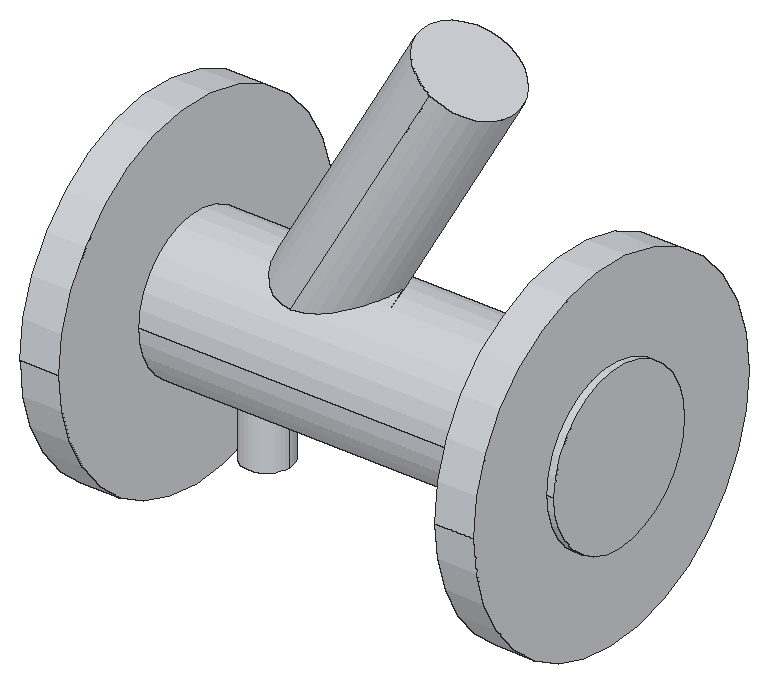
Revit family "HS 821-síto_jemné-PN40-DN015-RFA_2019", category Pipe Accessories, Revit 2019
Family settings
  Round Connector Dimension = Use Diameter
  Part Type = Breaks Into
  Work Plane-Based = No
  Always vertical = Yes
  Cut with Voids When Loaded = No
  Shared = No
Parameters (values of type "821F-DN015-PN40-síto_jemné")
  magiProductId = "4c7eaf3c4c0340888b3e684d8a8616"
  magiProductFamilyId = "79214ac3aaa945e397802f559f5c1e"
  magiPartTypeId = 307
  isMeasuringValve [instance] = no
  ang2D [instance] = 0.00°
  ZB__ve = -ZB  # -16.25 mm
  ZB1 = 18.225 mm
  ZB = 16.25 mm
  X2 = 46.982 mm
  X1 = 18.2 mm
  W2D = 15 mm
  VersionID = "2.0/2017.9.26.1/ZETKAMA_821_001"
  Use Minimum Symbol Size [instance] = yes
  URL = "www.hydronic.cz"
  Type Comments = "Filtr přírubový; síto jemné; A-PN16 (-10~300°C); D-PN25 (-10~350°C); F-PN40 (-10~400°C)"
  S = 45 mm
  QmdConnectorList = "301;D;302;D"
  Productdata [instance] = ""
  Manufacturer = "Hydronic Systems Prague s.r.o."
  MC Product Code = "250 615 (821F; DN015; PN40; kvs6,2; oko síta 0,63mm)"
  LM1 = 10.4 mm
  LM = 104 mm
  L4 = 32.5 mm
  L2D_Min = 3048 mm
  L2D = 130 mm
  L2 = 65 mm
  HH2 = 81.375 mm
  FD = 95 mm
  Description = "Filtr přírubový; síto jemné; 821A-PN16; 821D-PN25; 821F-PN40"
  DM1 = 27.6 mm
  DM = 40.5 mm
  D = 15 mm
  CC = 2.21 mm
  CAT0 = yes
  C1 = 10.79 mm
  C = 13 mm
  BD = 12.757 mm
Types (40, lengths in mm): name | magiProductId | ZB__ve | ZB1 | ZB | X2 | X1 | S | MC Product Code | LM1 | LM | L4 | L2 | HH2 | FD | DM1 | DM | D | CC | C1 | C | BD
  821A-DN015-PN16-síto_jemné | "a71bcfe8b393460598b23e8ddf7dc5" | -16.25 | 18.63 | 16.25 | 46.982 | 18.2 | 46 | "210 115 (821A; DN015; PN16; kvs6,2; oko síta 0,63mm)" | 10.4 | 104 | 32.5 | 65 | 81.375 | 95 | 27.6 | 41.4 | 15 | 2.21 | 10.79 | 13 | 13.041
  821A-DN020-PN16-síto_jemné | "41cd6c7a12924f4991217528336076" | -17.75 | 22.68 | 17.75 | 51.673 | 21 | 56 | "210 120 (821A; DN020; PN16; kvs9,6; oko síta 0,63mm)" | 12 | 120 | 37.5 | 75 | 89.5 | 105 | 33.6 | 50.4 | 20 | 2.55 | 12.45 | 15 | 15.876
  821A-DN025-PN16-síto_jemné | "be378b463ed14c3abf4c9b3ae8cf3a" | -19.25 | 26.325 | 19.25 | 58.601 | 22.4 | 65 | "210 125 (821A; DN025; PN16; kvs14,2; oko síta 0,63mm)" | 12.8 | 128 | 40 | 80 | 101.5 | 115 | 43.2 | 58.5 | 25 | 2.72 | 13.28 | 16 | 18.427
  821A-DN032-PN16-síto_jemné | "227a0d18b21540afabe8b6067d35fa" | -23 | 30.78 | 23 | 68.849 | 25.2 | 76 | "210 132 (821A; DN032; PN16; kvs23,1; oko síta 0,63mm)" | 14.4 | 144 | 45 | 90 | 119.25 | 140 | 50.4 | 68.4 | 32 | 3.06 | 14.94 | 18 | 21.546
  821A-DN040-PN16-síto_jemné | "d106917c74724141a10440112d0102" | -24.5 | 34.02 | 24.5 | 75.777 | 28 | 84 | "210 140 (821A; DN040; PN16; kvs36,6; oko síta 0,63mm)" | 16 | 160 | 50 | 100 | 131.25 | 150 | 60 | 75.6 | 40 | 3.4 | 16.6 | 20 | 23.814
  821A-DN050-PN16-síto_jemné | "8255d456a09e4f6486734f5dd9171b" | -26.75 | 40.095 | 26.75 | 79.061 | 32.2 | 99 | "210 150 (821A; DN050 PN16; kvs53,7; oko síta 0,63mm)" | 18.4 | 184 | 57.5 | 115 | 136.938 | 165 | 73.8 | 89.1 | 50 | 3.91 | 19.09 | 23 | 28.066
  821A-DN065-PN16-síto_jemné | "235b1b3e4c0843779a4d5e3716d40a" | -29.75 | 47.79 | 29.75 | 86.927 | 40.6 | 118 | "210 165 (821A; DN065; PN16; kvs95,1; oko síta 0,63mm)" | 23.2 | 232 | 72.5 | 145 | 150.562 | 185 | 94.2 | 106.2 | 65 | 4.93 | 24.07 | 29 | 33.453
  821A-DN080-PN16-síto_jemné | "a067f7c5236348ed8c820d16df7214" | -32 | 53.46 | 32 | 104.753 | 43.4 | 132 | "210 180 (821A; DN080; PN16; kvs137,1; oko síta 0,63mm)" | 24.8 | 248 | 77.5 | 155 | 181.438 | 200 | 107.4 | 118.8 | 80 | 5.27 | 25.73 | 31 | 37.422
  821A-DN100-PN16-síto_jemné | "c49a648c2747461285837d643703cd" | -35 | 63.18 | 35 | 114.857 | 49 | 156 | "210 190 (821A; DN100; PN16; kvs206,4; oko síta 0,63mm)" | 28 | 280 | 87.5 | 175 | 198.937 | 220 | 131.4 | 140.4 | 100 | 5.95 | 29.05 | 35 | 44.226
  821A-DN125-PN16-síto_jemné | "bf68e728a163493cbd2a663b26ebdc" | -39.5 | 74.52 | 39.5 | 131.888 | 56 | 184 | "210 191 (821A; DN125; PN16; kvs268,8; oko síta 0,63mm)" | 32 | 320 | 100 | 200 | 228.438 | 250 | 165 | 165.6 | 125 | 6.8 | 33.2 | 40 | 52.164
  821A-DN150-PN16-síto_jemné | "2de770284b654863ae6bc865769dc5" | -44.75 | 85.455 | 44.75 | 155.885 | 67.2 | 211 | "210 192 (821A; DN150; PN16; kvs401,4; oko síta 0,63mm)" | 38.4 | 384 | 120 | 240 | 270 | 285 | 192 | 189.9 | 150 | 8.16 | 39.84 | 48 | 59.818
  821A-DN200-PN16-síto_jemné | "8e5693371ab64aabb29a7f08c76e15" | -53 | 107.73 | 53 | 188.361 | 84 | 266 | "210 193 (821A; DN200; PN16; kvs706,7; oko síta 0,63mm)" | 48 | 480 | 150 | 300 | 326.25 | 340 | 252 | 239.4 | 200 | 10.2 | 49.8 | 60 | 75.411
  821A-DN250-PN16-síto_jemné | "05e37ed948c34047acdd4c42556504" | -62.75 | 129.195 | 62.75 | 255.911 | 102.2 | 319 | "210 194 (821A; DN250; PN16; kvs1229,4; oko síta 0,63mm)" | 58.4 | 584 | 182.5 | 365 | 443.25 | 405 | 309.6 | 287.1 | 250 | 12.41 | 60.59 | 73 | 90.436
  821A-DN300-PN16-síto_jemné | "9ad0af747269428da925480d83ce80" | -71 | 149.85 | 71 | 325.914 | 119 | 370 | "210 195 (821A; DN300; PN16; kvs1902,4; oko síta 0,63mm)" | 68 | 680 | 212.5 | 425 | 564.5 | 460 | 369.6 | 333 | 300 | 14.45 | 70.55 | 85 | 104.895
  821A-DN350-PN16-síto_jemné | "eebc71459bb3451bb4355e7951370a" | -80 | 173.745 | 80 | 356.875 | 137.2 | 429 | "200 196 (821A; DN350; PN16; kvs2611,0; oko síta 0,63mm)" | 78.4 | 784 | 245 | 490 | 618.125 | 520 | 438 | 386.1 | 350 | 16.66 | 81.34 | 98 | 121.621
  821A-DN400-PN16-síto_jemné | "d2f677cb196647e385b2590e7d8abe" | -89 | 194.4 | 89 | 392.237 | 154 | 480 | "210 197 (821A; DN400; PN16; kvs3438,4; oko síta 0,63mm)" | 88 | 880 | 275 | 550 | 679.375 | 580 | 498 | 432 | 400 | 18.7 | 91.3 | 110 | 136.08
  821D-DN015-PN25-síto_jemné | "27ddcbf555414f8ca1fde329bf9087" | -16.25 | 18.63 | 16.25 | 46.982 | 18.2 | 46 | "210 215 (821D; DN015; PN25; kvs6,2; oko síta 0,63mm)" | 10.4 | 104 | 32.5 | 65 | 81.375 | 95 | 27.6 | 41.4 | 15 | 2.21 | 10.79 | 13 | 13.041
  821D-DN020-PN25-síto_jemné | "270e0f14012f47189cd0235c18faee" | -17.75 | 22.68 | 17.75 | 51.673 | 21 | 56 | "210 220 (821D; DN020; PN25; kvs9,6; oko síta 0,63mm)" | 12 | 120 | 37.5 | 75 | 89.5 | 105 | 33.6 | 50.4 | 20 | 2.55 | 12.45 | 15 | 15.876
  821D-DN025-PN25-síto_jemné | "b9a7fb4aa36643878c637d8e1ab992" | -19.25 | 26.325 | 19.25 | 58.601 | 22.4 | 65 | "210 225 (821D; DN025; PN25; kvs14,2; oko síta 0,63mm)" | 12.8 | 128 | 40 | 80 | 101.5 | 115 | 43.2 | 58.5 | 25 | 2.72 | 13.28 | 16 | 18.427
  821D-DN032-PN25-síto_jemné | "6be9a55c4e68400f94eec7e804204c" | -23 | 30.78 | 23 | 68.849 | 25.2 | 76 | "210 232 (821D; DN032; PN25; kvs23,1; oko síta 0,63mm)" | 14.4 | 144 | 45 | 90 | 119.25 | 140 | 50.4 | 68.4 | 32 | 3.06 | 14.94 | 18 | 21.546
  821D-DN040-PN25-síto_jemné | "c54511bd7f584ec2984291479612cb" | -24.5 | 34.02 | 24.5 | 75.777 | 28 | 84 | "210 240 (821D; DN040; PN25; kvs36,6; oko síta 0,63mm)" | 16 | 160 | 50 | 100 | 131.25 | 150 | 60 | 75.6 | 40 | 3.4 | 16.6 | 20 | 23.814
  821D-DN050-PN25-síto_jemné | "5483b1f596b04cd39b23a14a22c90e" | -26.75 | 40.095 | 26.75 | 79.061 | 32.2 | 99 | "210 250 (821D; DN050; PN25; kvs53,7; oko síta 0,63mm)" | 18.4 | 184 | 57.5 | 115 | 136.938 | 165 | 73.8 | 89.1 | 50 | 3.91 | 19.09 | 23 | 28.066
  821D-DN065-PN25-síto_jemné | "767b0f8318e94750bc7a9930ed5b30" | -29.75 | 47.79 | 29.75 | 86.927 | 40.6 | 118 | "210 265 (821D; DN065; PN25; kvs95,1; oko síta 0,63mm)" | 23.2 | 232 | 72.5 | 145 | 150.562 | 185 | 94.2 | 106.2 | 65 | 4.93 | 24.07 | 29 | 33.453
  821D-DN080-PN25-síto_jemné | "e21040fa3cc2404b858198f6b73709" | -32 | 53.46 | 32 | 104.753 | 43.4 | 132 | "210 280 (821D; DN080; PN25; kvs137,1; oko síta 0,63mm)" | 24.8 | 248 | 77.5 | 155 | 181.438 | 200 | 107.4 | 118.8 | 80 | 5.27 | 25.73 | 31 | 37.422
  821D-DN100-PN25-síto_jemné | "175ca87a506b40b3bc6b82f12f33cf" | -37.25 | 63.18 | 37.25 | 114.857 | 49 | 156 | "210 290 (821D; DN100; PN25; kvs206,4; oko síta 0,63mm)" | 28 | 280 | 87.5 | 175 | 198.937 | 235 | 131.4 | 140.4 | 100 | 5.95 | 29.05 | 35 | 44.226
  821D-DN125-PN25-síto_jemné | "77cc98d60da24855999a22dff726b2" | -42.5 | 74.52 | 42.5 | 131.888 | 56 | 184 | "210 291 (821D; DN125; PN25; kvs268,8; oko síta 0,63mm)" | 32 | 320 | 100 | 200 | 228.438 | 270 | 165 | 165.6 | 125 | 6.8 | 33.2 | 40 | 52.164
  821D-DN150-PN25-síto_jemné | "9cf8acfcd15547d68e83172d3abcbe" | -47 | 85.455 | 47 | 155.885 | 67.2 | 211 | "210 292 (821D; DN150; PN25; kvs401,4; oko síta 0,63mm)" | 38.4 | 384 | 120 | 240 | 270 | 300 | 192 | 189.9 | 150 | 8.16 | 39.84 | 48 | 59.818
  821D-DN200-PN25-síto_jemné | "16973f3c9ea14389ba8602495a6b64" | -56 | 110.97 | 56 | 188.361 | 84 | 274 | "210 293 (821D; DN200; PN25; kvs706,7; oko síta 0,63mm)" | 48 | 480 | 150 | 300 | 326.25 | 360 | 252 | 246.6 | 200 | 10.2 | 49.8 | 60 | 77.679
  821F-DN015-PN40-síto_jemné | "4c7eaf3c4c0340888b3e684d8a8616" | -16.25 | 18.225 | 16.25 | 46.982 | 18.2 | 45 | "250 615 (821F; DN015; PN40; kvs6,2; oko síta 0,63mm)" | 10.4 | 104 | 32.5 | 65 | 81.375 | 95 | 27.6 | 40.5 | 15 | 2.21 | 10.79 | 13 | 12.757
  821F-DN020-PN40-síto_jemné | "aaac5f1ec96b44d6ba96ac2293d66d" | -17.75 | 23.49 | 17.75 | 51.673 | 21 | 58 | "250 620 (821F; DN020; PN40; kvs9,6; oko síta 0,63mm)" | 12 | 120 | 37.5 | 75 | 89.5 | 105 | 33.6 | 52.2 | 20 | 2.55 | 12.45 | 15 | 16.443
  821F-DN025-PN40-síto_jemné | "504768023968471481789485b54c7e" | -19.25 | 27.54 | 19.25 | 58.601 | 22.4 | 68 | "250 625 (821F; DN025; PN40; kvs14,2; oko síta 0,63mm)" | 12.8 | 128 | 40 | 80 | 101.5 | 115 | 43.2 | 61.2 | 25 | 2.72 | 13.28 | 16 | 19.278
  821F-DN032-PN40-síto_jemné | "165e7f39cf744f329bdf1c400dad12" | -23 | 31.59 | 23 | 68.849 | 25.2 | 78 | "250 632 (821F; DN032; PN40; kvs23,1; oko síta 0,63mm)" | 14.4 | 144 | 45 | 90 | 119.25 | 140 | 50.4 | 70.2 | 32 | 3.06 | 14.94 | 18 | 22.113
  821F-DN040-PN40-síto_jemné | "b8903f952089408fbf3a5a632bab1f" | -24.5 | 35.64 | 24.5 | 75.777 | 28 | 88 | "250 640 (821F; DN040; PN40; kvs36,6; oko síta 0,63mm)" | 16 | 160 | 50 | 100 | 131.25 | 150 | 60 | 79.2 | 40 | 3.4 | 16.6 | 20 | 24.948
  821F-DN050-PN40-síto_jemné | "c451f97266fe48da8f879cb6a2bd44" | -26.75 | 41.31 | 26.75 | 79.061 | 32.2 | 102 | "250 650 (821F; DN050; PN40; kvs53,7; oko síta 0,63mm)" | 18.4 | 184 | 57.5 | 115 | 136.938 | 165 | 73.8 | 91.8 | 50 | 3.91 | 19.09 | 23 | 28.917
  821F-DN065-PN40-síto_jemné | "dc9821e3f9b34e128f6a8c6b34c198" | -29.75 | 49.41 | 29.75 | 86.927 | 40.6 | 122 | "250 665 (821F; DN065; PN40; kvs95,1; oko síta 0,63mm)" | 23.2 | 232 | 72.5 | 145 | 150.562 | 185 | 94.2 | 109.8 | 65 | 4.93 | 24.07 | 29 | 34.587
  821F-DN080-PN40-síto_jemné | "689aa1e260f84cf4994f027a1d86b5" | -32 | 55.89 | 32 | 104.753 | 43.4 | 138 | "250 680 (821F; DN080; PN40; kvs137,1; oko síta 0,63mm)" | 24.8 | 248 | 77.5 | 155 | 181.438 | 200 | 107.4 | 124.2 | 80 | 5.27 | 25.73 | 31 | 39.123
  821F-DN100-PN40-síto_jemné | "8a45d4e8e2ab425f8c432f21d684f3" | -37.25 | 65.61 | 37.25 | 114.857 | 49 | 162 | "250 690 (821F; DN100; PN40; kvs206,4; oko síta 0,63mm)" | 28 | 280 | 87.5 | 175 | 198.937 | 235 | 131.4 | 145.8 | 100 | 5.95 | 29.05 | 35 | 45.927
  821F-DN125-PN40-síto_jemné | "cf073904c006406b8645afa67ea2fc" | -42.5 | 76.14 | 42.5 | 131.888 | 56 | 188 | "250 691 (821F; DN125; PN40; kvs268,8; oko síta 0,63mm)" | 32 | 320 | 100 | 200 | 228.438 | 270 | 165 | 169.2 | 125 | 6.8 | 33.2 | 40 | 53.298
  821F-DN150-PN40-síto_jemné | "0153b9ddabe14992a630484929fdbc" | -47 | 88.29 | 47 | 155.885 | 67.2 | 218 | "250 692 (821F; DN150; PN40; kvs401,4; oko síta 0,63mm)" | 38.4 | 384 | 120 | 240 | 270 | 300 | 192 | 196.2 | 150 | 8.16 | 39.84 | 48 | 61.803
  821F-DN200-PN40-síto_jemné | "7fb3fc01dd8d42428c203e3f8dd4d5" | -56 | 115.425 | 56 | 188.361 | 84 | 285 | "250 693 (821F; DN200; PN40; kvs706,7; oko síta 0,63mm)" | 48 | 480 | 150 | 300 | 326.25 | 360 | 252 | 256.5 | 200 | 10.2 | 49.8 | 60 | 80.797
Reference planes
  plane 1 "Center (Front/Back)": y = 0
  plane 2 "XYPLANE": z = 0
  plane 3 "Center (Left/Right)": x = 0
  plane 4 "109": x = -41.6
  plane 5 "108": x = 52
  plane 6 "107": x = -52
  plane 7 "105": x = 65
  plane 8 "104": x = -65
  plane 9 "103": y = 0
  plane 10 "102": z = 0
  plane 11 "101": x = -62.79
  plane 12 "100": x = 62.79
  plane 13 "11": x = -23.4
  plane 14 "10": z = 81.375
  plane 15 "9": x = 23.582
  plane 16 "5": z = -18.225
  plane 17 "4": x = -32.5
  plane 18 "1": x = 32.5
Forms (mm)
  Extrusion 1, solid, visible <- "CAT0"
    sketch origin (-52, -750, 0) x (0, 1, 0) y (0, 0, 1)
      loop
        circle (750, 0) r 20.25
    from 0 to 104 <- "LM"
  Extrusion 2, solid
    sketch origin (-65, -750, 0) x (0, 1, 0) y (0, 0, 1)
      loop
        circle (750, 0) r 22.5
    from 0 to 2.21 <- "CC"
  Extrusion 3, solid
    sketch origin (-62.79, -750, 0) x (0, 1, 0) y (0, 0, 1)
      loop
        circle (750, 0) r 47.5
    from 0 to 10.79 <- "C1"
  Extrusion 4, solid
    sketch origin (52, -750, 0) x (0, 1, 0) y (0, 0, 1)
      loop
        circle (750, 0) r 47.5
    from 0 to 10.79 <- "C1"
  Extrusion 5, solid
    sketch origin (62.79, -750, 0) x (0, 1, 0) y (0, 0, 1)
      loop
        circle (750, 0) r 22.5
    from 0 to 2.21 <- "CC"
  Sweep 6, solid, visible <- "CAT0"
    path origin (750, 0, 0) x (-1, 0, 0) y (0, 0, 1)
      loop
        line (802, 0) -> (773.4, 0) -> (726.418, 81.375)
    profile origin (-52, 0, 0) x (0, 0, -1) y (0, 1, 0)
      loop
        circle (0, 0) r 13.8
  Extrusion 7, solid, visible <- "CAT0"
    sketch origin (-750, 0, -18.225) x (1, 0, 0) y (0, 1, 0)
      loop
        circle (717.5, 0) r 6.379
    from 0 to -16.25 <- "ZB__ve"
  Extrusion 8, solid, visible <- "CAT0"
    sketch origin (-750, 0, -18.225) x (1, 0, 0) y (0, 1, 0)
      loop
        circle (782.5, 0) r 6.379
    from 0 to -16.25 <- "ZB__ve"
  Extrusion 9, solid, not visible
    sketch origin (65, -750, 0) x (0, 1, 0) y (0, 0, 1)
      loop
        circle (750, 0) r 10
    from 0 to -10
  Extrusion 10, solid, not visible
    sketch origin (-65, -750, 0) x (0, 1, 0) y (0, 0, 1)
      loop
        circle (750, 0) r 10
    from 0 to 10
Lines and regions (mm)
  reference lines, not visible
    curve 1: circle (2, 2, 0) r 1 normal (0, 0, 1)
Dimensions and locks
  plane 1 "Center (Front/Back)" to curve 1 = 2 mm
  "LM1": plane 6 "107" to plane 4 "109"
  "LM": plane 6 "107" to plane 5 "108"
  "C": plane 8 "104" to plane 6 "107"
  "L2": plane 3 "Center (Left/Right)" to plane 7 "105"
  "L2": plane 3 "Center (Left/Right)" to plane 8 "104"
  locked: plane 1 "Center (Front/Back)" to plane 9 "103"
  locked: plane 2 "XYPLANE" to plane 10 "102"
  "CC": plane 8 "104" to plane 11 "101"
  "C1": plane 5 "108" to plane 12 "100"
  "X1": plane 4 "109" to plane 13 "11"
  "HH2": plane 2 "XYPLANE" to plane 14 "10"
  "X2": plane 13 "11" to plane 15 "9"
  "ZB1": plane 2 "XYPLANE" to plane 16 "5"
  "L4": plane 8 "104" to plane 17 "4"
  "L2": plane 17 "4" to plane 18 "1"
  Sweep 6 sketch curve to Sweep 6 sketch curve = 0 mm  (x2)
  "DM": diameter of Extrusion 1 sketch curve
  "S": diameter of Extrusion 2 sketch curve
  "FD": diameter of Extrusion 3 sketch curve
  "FD": diameter of Extrusion 4 sketch curve
  "S": diameter of Extrusion 5 sketch curve
  "DM1": diameter of Sweep 6 sketch curve
  "BD": diameter of Extrusion 7 sketch curve
  "BD": diameter of Extrusion 8 sketch curve
  aligned and locked: level to plane 2 "XYPLANE"
  aligned and locked: Extrusion 1 sketch curve to plane 9 "103"
  aligned and locked: plane 10 "102" to Extrusion 1 sketch curve
  aligned and locked: Extrusion 2 sketch curve to plane 9 "103"
  aligned and locked: plane 10 "102" to Extrusion 2 sketch curve
  aligned and locked: Extrusion 3 sketch curve to plane 9 "103"
  aligned and locked: plane 10 "102" to Extrusion 3 sketch curve
  aligned and locked: Extrusion 4 sketch curve to plane 9 "103"
  aligned and locked: plane 10 "102" to Extrusion 4 sketch curve
  aligned and locked: Extrusion 5 sketch curve to plane 9 "103"
  aligned and locked: plane 10 "102" to Extrusion 5 sketch curve
  aligned and locked: Sweep 6 sketch curve to plane 9 "103"
  aligned and locked: plane 10 "102" to Sweep 6 sketch curve  (x3)
  aligned and locked: plane 6 "107" to Sweep 6 sketch curve
  aligned and locked: plane 13 "11" to Sweep 6 sketch curve
  aligned and locked: plane 14 "10" to Sweep 6 sketch curve
  aligned and locked: plane 15 "9" to Sweep 6 sketch curve
  aligned and locked: plane 9 "103" to Extrusion 7 sketch curve
  aligned and locked: plane 17 "4" to Extrusion 7 sketch curve
  aligned and locked: plane 9 "103" to Extrusion 8 sketch curve
  aligned and locked: plane 18 "1" to Extrusion 8 sketch curve
  aligned and locked: Extrusion 9 sketch curve to plane 9 "103"
  aligned and locked: plane 10 "102" to Extrusion 9 sketch curve
  aligned and locked: Extrusion 10 sketch curve to plane 9 "103"
  aligned and locked: plane 10 "102" to Extrusion 10 sketch curve
Automatic sketch dimensions
  plane 1 "Center (Front/Back)" to Extrusion 9 sketch curve = 10 mm
  plane 1 "Center (Front/Back)" to Extrusion 10 sketch curve = 10 mm
  plane 3 "Center (Left/Right)" to curve 1 = 2 mm
  radius of curve 1 = 1 mm
Connectors
  piping at (-65, 0, 0), diameter 15, driven by "D"
    settings: on Extrusion 10, index 1, connector inside diameter 609.6 mm, connector length 0 mm, flow factor 0, pipe flow 0.0 L/s, pressure drop 0.0 Pa, fitting loss kfactor 0, connector angle 0.00°, fixture units 0, engagement length 0 mm, angle of deflection 0.00°, flow configuration 0, flow direction 0, fitting loss method 0, system type 29, joint type 0, gender type 0, connector reference index 2, connector utility 0, adjustable connector no, is connector primary yes, connector description ""
  piping at (65, 0, 0), diameter 15, driven by "D"
    settings: on Extrusion 9, index 2, connector inside diameter 609.6 mm, connector length 0 mm, flow factor 0, pipe flow 0.0 L/s, pressure drop 0.0 Pa, fitting loss kfactor 0, connector angle 0.00°, fixture units 0, engagement length 0 mm, angle of deflection 0.00°, flow configuration 0, flow direction 0, fitting loss method 0, system type 29, joint type 0, gender type 0, connector reference index 1, connector utility 0, adjustable connector no, is connector primary no, connector description ""
